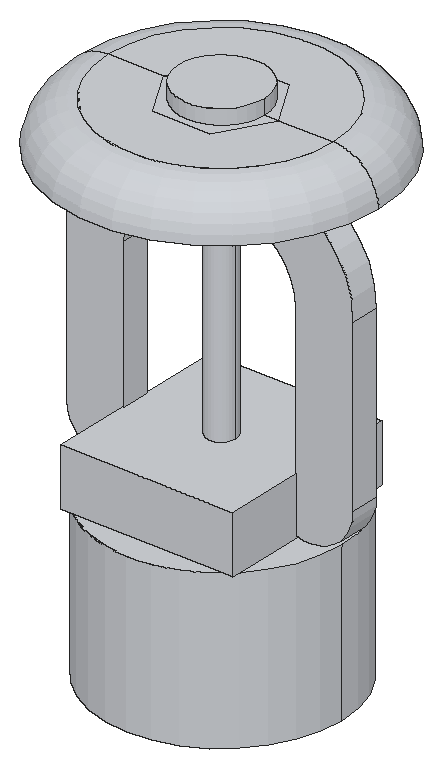
Revit family
Parameters (values of type "RASCO F1 UPRIGHT")
  Temperature Rating = 200 °F
  Response = (empty or 0)
  RASCO SIN # = "R1725"
  RASCO Part # = "FU2LB"
  Pressure Rating = "175 PSI"
  Pressure Class = (empty or 0)
  Orifice Size = 17/32"
  Orifice = (empty or 0)
  Model = "F1"
  Manufacturer = "RASCO"
  K-Factor = 8
  Description = "Brz. Finish"
  Coverage = (empty or 0)
Reference planes (in)
  plane 1 "Center (Front/Back)": y = 0
  plane 2: z = 0
  plane 3 "Center (Left/Right)": x = 0
Dimensions and locks (in)
  aligned and locked: plane 2 to level
Nested families (in)
  nested 1: "FU2LB" at (0, 0, 0), type "RASCO F1 UPRIGHT"
Connectors (in)
  piping at (0, 0, 0)
    settings: on nested 1, index 1, connector radius 1/2", flow factor 0, pipe flow 0 GPM, pressure drop 0.00 psi, fitting loss kfactor 0, connector angle 0.00°, fixture units 0, flow configuration 0, flow direction 0, fitting loss method 0, system type 7, connector reference index -1, connector utility 0, adjustable connector no, is connector primary yes, fitting loss table "", connector description ""
Definition of nested family "FU2LB"
  Parameters (values of type "RASCO F1 UPRIGHT")
    Type Comments = ""
    Temperature Rating = 0 °F
    Response = (empty or 0)
    Pressure Rating = "0"
    Pressure Class = (empty or 0)
    Orifice Size = 0"
    Orifice = (empty or 0)
    Model = ""
    Manufacturer = ""
    K-Factor = 0
    Description = ""
    Coverage = (empty or 0)
    Assembly Code = ""
  Reference planes (in)
    plane 1 "Center (Front/Back)": y = 0
    plane 2: z = 0
    plane 3 "ref.2": z = 0.6875
    plane 4 "ref.3": z = 0.9375
    plane 5: x = -0.38065
    plane 6: x = 0.36935
    plane 7 "ref. side 1": y = 0.06402
    plane 8 "ref. side 2": y = -0.06098
    plane 9 "ref.4": z = 1.875
    plane 10 "ref.5": z = 2.3125
    plane 11 "ref.6": z = 2.4375
  Forms (in)
    Extrusion 1, solid
      sketch origin (0, 0, 0) x (1, 0, 0) y (0, 1, 0)
        loop
          circle (0, 0) r 0.5221
      from 0 to 0.6875
    Extrusion 2, solid
      sketch origin (-0.12185, 0.05177, 0.6875) x (1, 0, 0) y (0, 1, 0)
        loop
          line (-0.2588, 0.356) -> (-0.2588, -0.4565) -> (0.4912, -0.4565) -> (0.4912, 0.356) -> (-0.2588, 0.356)
      from 0 to 0.25
    Extrusion 3, solid
      sketch origin (0, 0, 0) x (1, 0, 0) y (0, 0, 1)
        loop
          line (-0.38065, 0.69674) -> (-0.38065, 1.58397)
          arc (-0.38065, 1.58397) -> (-0.29541, 1.78976) -> (-0.08962, 1.875) r 0.29103
          line (-0.08962, 1.875) -> (0.07524, 1.875)
          arc (0.07524, 1.875) -> (0.28321, 1.78886) -> (0.36935, 1.58089) r 0.29411
          line (0.36935, 1.58089) -> (0.36935, 0.69728)
          arc (0.36935, 0.69728) -> (0.54046, 0.72329) -> (0.61935, 0.87734) r 0.18984
          line (0.61935, 0.87734) -> (0.61935, 1.61676)
          arc (0.61935, 1.61676) -> (0.48879, 1.93194) -> (0.17361, 2.0625) r 0.44574
          line (0.17361, 2.0625) -> (-0.18509, 2.0625)
          arc (-0.18509, 2.0625) -> (-0.50015, 1.932) -> (-0.63065, 1.61694) r 0.44556
          line (-0.63065, 1.61694) -> (-0.63065, 0.87876)
          arc (-0.63065, 0.87876) -> (-0.55196, 0.72414) -> (-0.38065, 0.69674) r 0.19126
      from -0.06402 to 0.06098
    Extrusion 4, solid
      sketch origin (0, 0, 0.9375) x (-1, 0, 0) y (0, -1, 0)
        loop
          circle (0.00574, -0.00152) r 0.0625
      from 0 to 0.9375
    Extrusion 5, solid
      sketch origin (0, 0, 1.875) x (-1, 0, 0) y (0, -1, 0)
        loop
          circle (0.00574, -0.00152) r 0.1875
      from 0 to 0.4375
    Revolve 6, solid
      sketch origin (0, 0, -0.2777) x (1, 0, 0) y (0, 0, 1)
        loop
          line (-0.19324, 2.33367) -> (-0.19324, 2.52696) -> (-0.25733, 2.52696) -> (-0.49638, 2.52696)
          arc (-0.49638, 2.52696) -> (-0.63432, 2.47056) -> (-0.69321, 2.33367) r 0.19686
          line (-0.69321, 2.33367) -> (-0.19324, 2.33367)
        axis (-0.00574, 2.33367) -> (-0.00574, 2.52696)
      angle from 0 to 360
  Cuts and joins
    joined: Extrusion 1, Extrusion 2, Extrusion 4, Revolve 6
  Lines and regions (in)
    model lines
      curve 1: line (-0.00574, 0.06402, 1.875) -> (-0.00574, -0.06098, 1.875)
  Dimensions and locks (in)
    Extrusion 3 to Extrusion 3 = 1.250"
    Extrusion 5 to cut or joined group of Extrusion 1, Extrusion 2, Extrusion 4, Revolve 6 = 2.3125"
